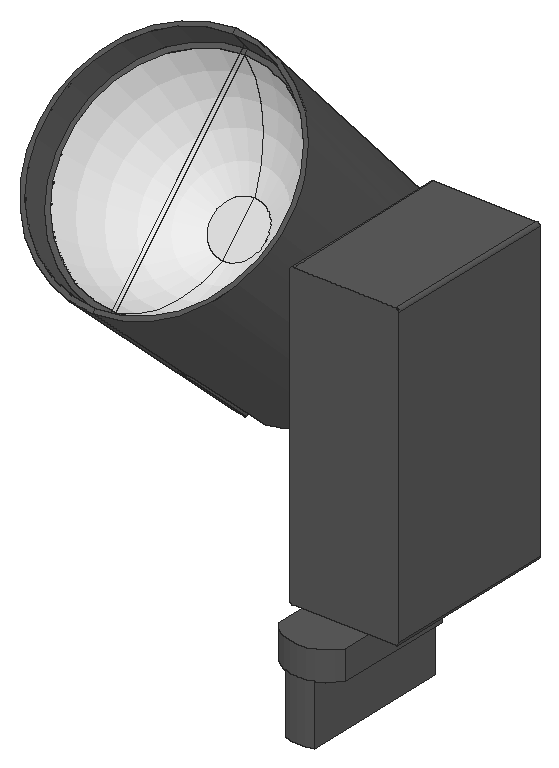
Revit family "0004892 Feilo Sylvania Lighting Fixture START TRACK SPOT L 55W 3K RA90 NB BLACK", category Lighting Fixtures, host Face, Revit 2017
Family settings
  Host = Face
  Round Connector Dimension = Use Diameter
  Part Type = Normal
  OmniClass Number = 23.80.70.00
  OmniClass Title = Lighting
  Cut with Voids When Loaded = No
  Light Source = No
  Shared = No
  Room Calculation Point = No
Parameters (values of type "0004892 START TRACK SPOT L 55W 3K RA90 NB BLACK")
  Weight = "1.398 kg"
  Wattage Comments = ""
  WarrantyStartDate [instance] = "n/a"
  WarrantyGuarantorParts = "n/a"
  WarrantyDurationUnit = "n/a"
  WarrantyDurationParts = "n/a"
  WarrantyDescription = "n/a"
  Voltage = 230 V
  URL = "http://www.sylvania-lighting.com"
  TypeName = "START TRACK SPOT L 55W 3K RA90 NB BLACK"
  TypeHead_FEILO = Start Track Spot Head : 0004892 START TRACK SPOT L 55W 3K RA90 NB BLACK
  TypeBox_FEILO = Start Track Spot Box : Type Large Black
  Type Image = <None>
  Type Comments = "n/a"
  VerticalRotation_FEILO [instance] = 0.00°
  SlideEndAngle_FEILO [instance] = VerticalRotation_FEILO + 180.00°  # 180.00°
  SerialNumber [instance] = "n/a"
  Material_3_FEILO = none
  PowerFactor = 0.96
  PowerConsumption = "55 W"
  NominalLength = 0 mm
  NominalHeight = 240 mm
  NominalDepth = 164 mm
  Name = "START TRACK SPOT L 55W 3K RA90 NB BLACK"
  ModelReference = Name  # "START TRACK SPOT L 55W 3K RA90 NB BLACK"
  ModelNumber = "0004892"
  Model = Name  # "START TRACK SPOT L 55W 3K RA90 NB BLACK"
  Material = "adc12 aluminium housing, polycarbonate diffuser"
  ManufacturerName = "Feilo Sylvania"
  Manufacturer = "Feilo Sylvania"
  LuminousEfficacy = "80 lm/W"
  LuminaireType = ""
  LightOutputRatio = "100"
  LampsType = Lamp  # "LED"
  LampNominalLuminous = "4416 lm"
  LampMacAdamStep = "3"
  LampColourTemperature = "3000 K"
  LampColourRenderingIndex = "90"
  Lamp = "LED"
  Keynote = "16500"
  InstallationDate [instance] = "n/a"
  InputVoltage = "230-240V~"
  InputNominalFrequency = "50/60 Hz"
  IngressProtection = "IP20"
  ImpactProtectionIndex = "IK02"
  IfcExportType = "IfcLightFixtureType"
  IfcExportAs = "IfcLightFixtureType"
  HorizontalRotation_FEILO [instance] = 45.00°
  ExpectedLife = 50000
  ElectricShockClassification = "Class II"
  DurationUnit = "hours"
  DocumentationLiterature = "http://www.sylvania-lighting.com/product/en-int/products/0004892"
  DimmingControlOptions = "Non dimmable"
  Material_2_FEILO = none
  Description = "Integrated LED spotlight, Textured Black - RAL9005, compact and minimalist design, ideal for retail applications, die-cast aluminium body, passive cooling heatsink. Beam angle: 15°, color temperature: 3000K , total system power: 55W, total fixture output: 4416 lm, LOR: 100%, colour rendering: Ra: 90 typical, LED Chromaticity: 3 step MacAdam ellipse, lifetime: >50000 hours at L70B50, energy class: A++, A+, A, IR/UV free light source without heat radiation, operating voltage: 220-240V / 50-60Hz, drive current: 1400mA, electronic driver, non-dimmable, power factor: 0.96, electrical protection: Class II, Global Track 3 Phase adapter suitable for Global trac 3-circuit tracks, ingress protection rating: IP20, suitable for internal environment only, horizontal rotation: 355°, vertical tilt: 90°, dimensions: Ø113x164x240, weight: 1.398kg."
  Default Elevation = 1219.2 mm
  CreatedOn = "12/12/2017"
  CreatedBy = ""
  Cost = 0
  built-in parameter 1114216 [instance] = (empty or 0)
  ClassificationValue = "EF_70_80"
  ClassificationName = "Uniclass2015"
  Material_1_FEILO = Body-Sylvania-StartTrackSpot-Black
  BarCode [instance] = "n/a"
  AssetType = "Fixed"
  AssetIdentifier [instance] = "n/a"
  Assembly Code = "D5020200"
  Apparent Load = 55 VA
  Material_4_FEILO = none
Reference planes
  plane 1 "Center (Front/Back)": y = 0
  plane 2: z = 0
  plane 3 "Center (Left/Right)": x = 0
  plane 4: x = 15
  plane 5: x = -15
  plane 6: y = 35
  plane 7: y = -35
  plane 8: z = 13
  plane 9: z = -27
  plane 10: x = 6.5
  plane 11: x = -6.5
  plane 12: y = 27
  plane 13: y = -27
  plane 14: y = 20
Forms (mm)
  Extrusion 1, solid, material "Body-Sylvania-StartTrackSpot-Black" <- "Material_1_FEILO"
    sketch origin (0, 0, 0) x (1, 0, 0) y (0, 1, 0)
      loop
        line (-15, 27) -> (-15, -27)
        arc (-15, -27) -> (0, -35) -> (15, -27) r 18.062
        line (15, -27) -> (15, 27)
        arc (15, 27) -> (0, 35) -> (-15, 27) r 18.062
    from 0 to 13
  Extrusion 2, solid, material "Body-Sylvania-StartTrackSpot-Black" <- "Material_1_FEILO"
    sketch origin (0, 0, 0) x (1, 0, 0) y (0, 1, 0)
      loop
        arc (6.5, 33.79) -> (0, 35) -> (-6.5, 33.79) r 18.062
        line (-6.5, 33.79) -> (-6.5, -33.79)
        arc (-6.5, -33.79) -> (0, -35) -> (6.5, -33.79) r 18.062
        line (6.5, -33.79) -> (6.5, 33.79)
    from 0 to -27
  Revolve 3, solid, not visible
    sketch origin (1524, 20, 1219.2) x (1, 0, 0) y (0, 0, 1)
      loop
        line (-1524, -1206.2) -> (-1524, -1191.285) -> (-1530.5, -1191.285) -> (-1530.5, -1206.2) -> (-1524, -1206.2)
      axis (-1524, -1191.285) -> (-1524, -1206.2)
    angle from 0 <- "VerticalRotation_FEILO" to 180 <- "SlideEndAngle_FEILO"
Cuts and joins
  joined: Extrusion 1, Extrusion 2
Dimensions and locks
  equal spacing: plane 10, plane 3 "Center (Left/Right)", plane 11
  equal spacing: plane 4, plane 3 "Center (Left/Right)", plane 5
  locked: plane 8 to plane 2 at 13
  locked: plane 8 to plane 9 at 40
  equal spacing: plane 13, plane 1 "Center (Front/Back)", plane 12
  locked: plane 12 to plane 6 at 8
  locked: plane 14 to plane 6 at 15
  locked: Revolve 3 sketch curve to plane 8 at 14.915
  aligned and locked: plane 2 to host face
  aligned and locked: level to host face
  aligned and locked: plane 5 to Extrusion 1 sketch curve  (x2)
  aligned and locked: plane 12 to Extrusion 1 sketch curve
  aligned and locked: plane 13 to Extrusion 1 sketch curve
  aligned and locked: plane 4 to Extrusion 1 sketch curve
  aligned and locked: Extrusion 1 to plane 8
  aligned and locked: Extrusion 1 to level
  aligned and locked: Extrusion 2 sketch curve to Extrusion 1  (x2)
  aligned and locked: Extrusion 2 sketch curve to plane 11
  aligned and locked: plane 10 to Extrusion 2 sketch curve
  aligned and locked: plane 9 to Extrusion 2
  aligned and locked: level to Extrusion 2
  aligned and locked: Revolve 3 sketch curve to plane 3 "Center (Left/Right)"  (x2)
  aligned and locked: plane 11 to Revolve 3 sketch curve
  aligned and locked: Revolve 3 sketch curve to plane 8
Automatic sketch dimensions
  host sketch curve to host sketch curve = 2438.4 mm  (x2)
  Extrusion 1 sketch curve to plane 3 "Center (Left/Right)" = 0 mm  (x2)
  Extrusion 1 sketch curve to plane 13 = 10.062 mm
  plane 12 to Extrusion 1 sketch curve = 10.062 mm
  Revolve 3 sketch curve to plane 3 "Center (Left/Right)" = 0 mm
  plane 9 to Revolve 3 sketch curve = 582.6 mm
  Revolve 3 sketch curve to Revolve 3 sketch curve = 2581.144 mm
Nested families
  nested 1: "Start Track Spot Head" at (-75.5, 20, 133) x (0, 0.7071, 0.7071) z (0, 0.7071, -0.7071), type <- "TypeHead_FEILO", type "0004892 START TRACK SPOT L 55W 3K RA90 NB BLACK"
    with built-in parameter 1114216 (empty or 0)
  nested 2: "Start Track Spot Box" at (8.5, 20, 85) x (-1, 0, 0) z (0, -1, 0), BoxStartAngle_FEILO <- "HorizontalRotation_FEILO", type <- "TypeBox_FEILO", type "Type Large Black"
    with BoxStartAngle_FEILO 45.00°, BoxEndAngle_FEILO -135.00°
Connectors
  electrical at (0, 0, 0), driven by "Apparent Load", driven by "PowerFactor", driven by "Voltage"
    settings: index 1, voltage 230 V, apparent load 55 VA, apparent load phase1 0 VA, apparent load phase2 0 VA, apparent load phase3 0 VA, power factor 0.96, load classification "Lighting", number of poles 1, system type 30, power factor state 1, is connector primary yes, connector utility no, sub classification motor no, connector description ""
Definition of nested family "Start Track Spot Head"
  Parameters (values of type "0004811 START TRACK SPOT S 14W 3K RA80 NB WHITE")
    Wattage Comments = "n/a"
    Wattage = 14 W
    built-in parameter 1150110 = 1 (stored number, unit not read)
    URL = "http://www.feilosylvania.com"
    Type Image = (empty or 0)
    Type Comments = "n/a"
    built-in parameter 1114217 = 1 (stored number, unit not read)
    Tilt Angle = -90.00°
    built-in parameter 1150109 = 1 (stored number, unit not read)
    built-in parameter 1150134 = (empty or 0)
    built-in parameter 1150113 = 1 (stored number, unit not read)
    Photometric Web File = "0004811.ies"
    Material_3_FEILO = none
    Model = "START TRACK SPOT S 14W 3K RA80 NB WHITE"
    Manufacturer = "Feilo Sylvania"
    built-in parameter 1150105 = 123.66 (stored number, unit not read)
    Lumens = 1554 lm
    built-in parameter 1150115 = 1 (stored number, unit not read)
    built-in parameter 1150137 = (empty or 0)
    built-in parameter 1150139 = (empty or 0)
    built-in parameter 1150112 = 1 (stored number, unit not read)
    built-in parameter 1150114 = 1 (stored number, unit not read)
    Lamp = "LED"
    Keynote = "16500"
    Material_2_FEILO = none
    built-in parameter 1150132 = (empty or 0)
    built-in parameter 1150102 = (empty or 0)
    built-in parameter 1150107 = 3000 (stored number, unit not read)
    built-in parameter 1150138 = (empty or 0)
    built-in parameter 1150106 = 1.2366 (stored number, unit not read)
    HeadThickness_FEILO = if(HeadDiaOut_FEILO > 112 mm, 2 mm, 1.5 mm)  # 1.5 mm
    HeadRibOffset_FEILO = HeadHeight_FEILO / 28  # 4.179 mm
    HeadRibDepth_FEILO = HeadHeight_FEILO / 2.1  # 55.714 mm
    HeadRibCutWidth_FEILO = HeadDiaOut_FEILO / 12  # 7.167 mm
    HeadRibCutOffset_FEILO = HeadHeight_FEILO / 2.3  # 50.87 mm
    HeadReflectorRadius_FEILO = HeadDiaOut_FEILO / 1.7  # 50.588 mm
    HeadReflectorOffset_FEILO = HeadHeight_FEILO / 2.1  # 55.714 mm
    HeadLEDRadius_FEILO = HeadDiaOut_FEILO / 9  # 9.556 mm
    HeadHeight_FEILO = 117 mm
    HeadDraft_FEILO = 1 mm
    HeadDiffusorThickness_FEILO = 3 mm
    HeadDiffusorOffset_FEILO = HeadHeight_FEILO / 12.4  # 9.435 mm
    HeadDiaOut_FEILO = 86 mm
    HeadDiaIn_FEILO = HeadDiaOut_FEILO / 1.11  # 77.477 mm
    HeadAxisFromTop_FEILO = HeadHeight_FEILO / 1.687  # 69.354 mm
    Emit from Circle Diameter = HeadDiaIn_FEILO  # 77.477 mm
    Emit Shape Visible in Rendering = no
    built-in parameter 1150104 = 10.312 (stored number, unit not read)
    Dimming Lamp Color Temperature Shift = (empty or 0)
    Description = "Integrated LED spotlight, Textured White - RAL9016, compact and minimalist design, ideal for retail applications, die-cast aluminium body, passive cooling heatsink. Beam angle: 12°, color temperature: 3000K , total system power: 14W, total fixture output: 1551 lm, LOR: 100%, colour rendering: Ra: 80 typical, LED Chromaticity: 3 step MacAdam ellipse, lifetime: >50000 hours at L70B50, energy class: A++, A+, A, IR/UV free light source without heat radiation, operating voltage: 220-240V / 50-60Hz, drive current: 350mA, electronic driver, non-dimmable, power factor: 0.92, electrical protection: Class II, Global Track 3 Phase adapter suitable for Global trac 3-circuit tracks, ingress protection rating: IP20, suitable for internal environment only, horizontal rotation: 355°, vertical tilt: 90°, dimensions: Ø86x140x200, weight: 0.940kg."
    Default Elevation = 1219.2 mm
    Cost = 0
    Color Filter = 16777215
    built-in parameter 1114216 [instance] = (empty or 0)
    Material_1_FEILO = none
    built-in parameter 1114218 = 1 (stored number, unit not read)
    built-in parameter 1150133 = 10 (stored number, unit not read)
    Assembly Code = "D5020200"
    Apparent Load = 14 VA
    Material_4_FEILO = none
  Types (96, lengths in mm): name | Wattage | built-in parameter 1150134 | Photometric Web File | Model | built-in parameter 1150105 | Lumens | built-in parameter 1150107 | built-in parameter 1150106 | HeadThickness_FEILO | HeadRibOffset_FEILO | HeadRibDepth_FEILO | HeadRibCutWidth_FEILO | HeadRibCutOffset_FEILO | HeadReflectorRadius_FEILO | HeadReflectorOffset_FEILO | HeadLEDRadius_FEILO | HeadHeight_FEILO | HeadDiffusorOffset_FEILO | HeadDiaOut_FEILO | HeadDiaIn_FEILO | HeadAxisFromTop_FEILO | Emit from Circle Diameter | built-in parameter 1150104 | Description | Apparent Load
    0004906 START TRACK SPOT L 55W 4K RA90 WB BLACK | 55 W | 12 | "0004906.ies" | "START TRACK SPOT L 55W 4K RA90 WB BLACK" | 385.15 (stored number, unit not read) | 4840 lm | 4000 (stored number, unit not read) | 3.8515 (stored number, unit not read) | 2 | 4.429 | 59.048 | 9.417 | 53.913 | 66.471 | 59.048 | 12.556 | 124 | 10 | 113 | 101.802 | 73.503 | 101.802 | 8.1755 (stored number, unit not read) | "Integrated LED spotlight, Textured Black - RAL9005, compact and minimalist design, ideal for retail applications, die-cast aluminium body, passive cooling heatsink. Beam angle: 52°, color temperature: 4000K , total system power: 55W, total fixture output: 4824 lm, LOR: 100%, colour rendering: Ra: 90 typical, LED Chromaticity: 3 step MacAdam ellipse, lifetime: >50000 hours at L70B50, energy class: A++, A+, A, IR/UV free light source without heat radiation, operating voltage: 220-240V / 50-60Hz, drive current: 1400mA, electronic driver, non-dimmable, power factor: 0.96, electrical protection: Class II, Global Track 3 Phase adapter suitable for Global trac 3-circuit tracks, ingress protection rating: IP20, suitable for internal environment only, horizontal rotation: 355°, vertical tilt: 90°, dimensions: Ø113x164x240, weight: 1.398kg." | 55 VA
    0004905 START TRACK SPOT L 55W 4K RA90 MB BLACK | 55 W | 12 | "0004905.ies" | "START TRACK SPOT L 55W 4K RA90 MB BLACK" | 389.53 (stored number, unit not read) | 4895 lm | 4000 (stored number, unit not read) | 3.8953 (stored number, unit not read) | 2 | 4.429 | 59.048 | 9.417 | 53.913 | 66.471 | 59.048 | 12.556 | 124 | 10 | 113 | 101.802 | 73.503 | 101.802 | 8.2684 (stored number, unit not read) | "Integrated LED spotlight, Textured Black - RAL9005, compact and minimalist design, ideal for retail applications, die-cast aluminium body, passive cooling heatsink. Beam angle: 38°, color temperature: 4000K , total system power: 55W, total fixture output: 4897 lm, LOR: 100%, colour rendering: Ra: 90 typical, LED Chromaticity: 3 step MacAdam ellipse, lifetime: >50000 hours at L70B50, energy class: A++, A+, A, IR/UV free light source without heat radiation, operating voltage: 220-240V / 50-60Hz, drive current: 1400mA, electronic driver, non-dimmable, power factor: 0.96, electrical protection: Class II, Global Track 3 Phase adapter suitable for Global trac 3-circuit tracks, ingress protection rating: IP20, suitable for internal environment only, horizontal rotation: 355°, vertical tilt: 90°, dimensions: Ø113x164x240, weight: 1.398kg." | 55 VA
    0004904 START TRACK SPOT L 55W 4K RA90 NB BLACK | 55 W | 12 | "0004904.ies" | "START TRACK SPOT L 55W 4K RA90 NB BLACK" | 393.91 (stored number, unit not read) | 4950 lm | 4000 (stored number, unit not read) | 3.9391 (stored number, unit not read) | 2 | 4.429 | 59.048 | 9.417 | 53.913 | 66.471 | 59.048 | 12.556 | 124 | 10 | 113 | 101.802 | 73.503 | 101.802 | 8.3613 (stored number, unit not read) | "Integrated LED spotlight, Textured Black - RAL9005, compact and minimalist design, ideal for retail applications, die-cast aluminium body, passive cooling heatsink. Beam angle: 15°, color temperature: 4000K , total system power: 55W, total fixture output: 4965 lm, LOR: 100%, colour rendering: Ra: 90 typical, LED Chromaticity: 3 step MacAdam ellipse, lifetime: >50000 hours at L70B50, energy class: A++, A+, A, IR/UV free light source without heat radiation, operating voltage: 220-240V / 50-60Hz, drive current: 1400mA, electronic driver, non-dimmable, power factor: 0.96, electrical protection: Class II, Global Track 3 Phase adapter suitable for Global trac 3-circuit tracks, ingress protection rating: IP20, suitable for internal environment only, horizontal rotation: 355°, vertical tilt: 90°, dimensions: Ø113x164x240, weight: 1.398kg." | 55 VA
    0004903 START TRACK SPOT L 35W 4K RA90 WB BLACK | 35 W | 12 | "0004903.ies" | "START TRACK SPOT L 35W 4K RA90 WB BLACK" | 284.09 (stored number, unit not read) | 3570 lm | 4000 (stored number, unit not read) | 2.8409 (stored number, unit not read) | 2 | 4.429 | 59.048 | 9.417 | 53.913 | 66.471 | 59.048 | 12.556 | 124 | 10 | 113 | 101.802 | 73.503 | 101.802 | 9.4761 (stored number, unit not read) | "Integrated LED spotlight, Textured Black - RAL9005, compact and minimalist design, ideal for retail applications, die-cast aluminium body, passive cooling heatsink. Beam angle: 52°, color temperature: 4000K , total system power: 35W, total fixture output: 3562 lm, LOR: 100%, colour rendering: Ra: 90 typical, LED Chromaticity: 3 step MacAdam ellipse, lifetime: >50000 hours at L70B50, energy class: A++, A+, A, IR/UV free light source without heat radiation, operating voltage: 220-240V / 50-60Hz, drive current: 900mA, electronic driver, non-dimmable, power factor: 0.93, electrical protection: Class II, Global Track 3 Phase adapter suitable for Global trac 3-circuit tracks, ingress protection rating: IP20, suitable for internal environment only, horizontal rotation: 355°, vertical tilt: 90°, dimensions: Ø113x164x240, weight: 1.368kg." | 35 VA
    0004902 START TRACK SPOT L 35W 4K RA90 MB BLACK | 35 W | 12 | "0004902.ies" | "START TRACK SPOT L 35W 4K RA90 MB BLACK" | 286.88 (stored number, unit not read) | 3605 lm | 4000 (stored number, unit not read) | 2.8688 (stored number, unit not read) | 2 | 4.429 | 59.048 | 9.417 | 53.913 | 66.471 | 59.048 | 12.556 | 124 | 10 | 113 | 101.802 | 73.503 | 101.802 | 9.569 (stored number, unit not read) | "Integrated LED spotlight, Textured Black - RAL9005, compact and minimalist design, ideal for retail applications, die-cast aluminium body, passive cooling heatsink. Beam angle: 38°, color temperature: 4000K , total system power: 35W, total fixture output: 3616 lm, LOR: 100%, colour rendering: Ra: 90 typical, LED Chromaticity: 3 step MacAdam ellipse, lifetime: >50000 hours at L70B50, energy class: A++, A+, A, IR/UV free light source without heat radiation, operating voltage: 220-240V / 50-60Hz, drive current: 900mA, electronic driver, non-dimmable, power factor: 0.93, electrical protection: Class II, Global Track 3 Phase adapter suitable for Global trac 3-circuit tracks, ingress protection rating: IP20, suitable for internal environment only, horizontal rotation: 355°, vertical tilt: 90°, dimensions: Ø113x164x240, weight: 1.368kg." | 35 VA
    0004901 START TRACK SPOT L 35W 4K RA90 NB BLACK | 35 W | 12 | "0004901.ies" | "START TRACK SPOT L 35W 4K RA90 NB BLACK" | 286.88 (stored number, unit not read) | 3605 lm | 4000 (stored number, unit not read) | 2.8688 (stored number, unit not read) | 2 | 4.429 | 59.048 | 9.417 | 53.913 | 66.471 | 59.048 | 12.556 | 124 | 10 | 113 | 101.802 | 73.503 | 101.802 | 9.569 (stored number, unit not read) | "Integrated LED spotlight, Textured Black - RAL9005, compact and minimalist design, ideal for retail applications, die-cast aluminium body, passive cooling heatsink. Beam angle: 15°, color temperature: 4000K , total system power: 35W, total fixture output: 3593 lm, LOR: 100%, colour rendering: Ra: 90 typical, LED Chromaticity: 3 step MacAdam ellipse, lifetime: >50000 hours at L70B50, energy class: A++, A+, A, IR/UV free light source without heat radiation, operating voltage: 220-240V / 50-60Hz, drive current: 900mA, electronic driver, non-dimmable, power factor: 0.93, electrical protection: Class II, Global Track 3 Phase adapter suitable for Global trac 3-circuit tracks, ingress protection rating: IP20, suitable for internal environment only, horizontal rotation: 355°, vertical tilt: 90°, dimensions: Ø113x164x240, weight: 1.368kg." | 35 VA
    0004900 START TRACK SPOT S 24W 4K RA90 WB BLACK | 24 W | 12 | "0004900.ies" | "START TRACK SPOT S 24W 4K RA90 WB BLACK" | 166.16 (stored number, unit not read) | 2088 lm | 4000 (stored number, unit not read) | 1.6616 (stored number, unit not read) | 1.5 | 4.179 | 55.714 | 7.167 | 50.87 | 50.588 | 55.714 | 9.556 | 117 | 9.435 | 86 | 77.477 | 69.354 | 77.477 | 8.0826 (stored number, unit not read) | "Integrated LED spotlight, Textured Black - RAL9005, compact and minimalist design, ideal for retail applications, die-cast aluminium body, passive cooling heatsink. Beam angle: 64°, color temperature: 4000K , total system power: 24W, total fixture output: 2087 lm, LOR: 100%, colour rendering: Ra: 90 typical, LED Chromaticity: 3 step MacAdam ellipse, lifetime: >50000 hours at L70B50, energy class: A++, A+, A, IR/UV free light source without heat radiation, operating voltage: 220-240V / 50-60Hz, drive current: 600mA, electronic driver, non-dimmable, power factor: 0.95, electrical protection: Class II, Global Track 3 Phase adapter suitable for Global trac 3-circuit tracks, ingress protection rating: IP20, suitable for internal environment only, horizontal rotation: 355°, vertical tilt: 90°, dimensions: Ø86x140x200, weight: 0.966kg." | 24 VA
    0004899 START TRACK SPOT S 24W 4K RA90 MB BLACK | 24 W | 12 | "0004899.ies" | "START TRACK SPOT S 24W 4K RA90 MB BLACK" | 169.98 (stored number, unit not read) | 2136 lm | 4000 (stored number, unit not read) | 1.6998 (stored number, unit not read) | 1.5 | 4.179 | 55.714 | 7.167 | 50.87 | 50.588 | 55.714 | 9.556 | 117 | 9.435 | 86 | 77.477 | 69.354 | 77.477 | 8.2684 (stored number, unit not read) | "Integrated LED spotlight, Textured Black - RAL9005, compact and minimalist design, ideal for retail applications, die-cast aluminium body, passive cooling heatsink. Beam angle: 36°, color temperature: 4000K , total system power: 24W, total fixture output: 2141 lm, LOR: 100%, colour rendering: Ra: 90 typical, LED Chromaticity: 3 step MacAdam ellipse, lifetime: >50000 hours at L70B50, energy class: A++, A+, A, IR/UV free light source without heat radiation, operating voltage: 220-240V / 50-60Hz, drive current: 600mA, electronic driver, non-dimmable, power factor: 0.95, electrical protection: Class II, Global Track 3 Phase adapter suitable for Global trac 3-circuit tracks, ingress protection rating: IP20, suitable for internal environment only, horizontal rotation: 355°, vertical tilt: 90°, dimensions: Ø86x140x200, weight: 0.966kg." | 24 VA
    0004898 START TRACK SPOT S 24W 4K RA90 NB BLACK | 24 W | 12 | "0004898.ies" | "START TRACK SPOT S 24W 4K RA90 NB BLACK" | 171.89 (stored number, unit not read) | 2160 lm | 4000 (stored number, unit not read) | 1.7189 (stored number, unit not read) | 1.5 | 4.179 | 55.714 | 7.167 | 50.87 | 50.588 | 55.714 | 9.556 | 117 | 9.435 | 86 | 77.477 | 69.354 | 77.477 | 8.3613 (stored number, unit not read) | "Integrated LED spotlight, Textured Black - RAL9005, compact and minimalist design, ideal for retail applications, die-cast aluminium body, passive cooling heatsink. Beam angle: 12°, color temperature: 4000K , total system power: 24W, total fixture output: 2155 lm, LOR: 100%, colour rendering: Ra: 90 typical, LED Chromaticity: 3 step MacAdam ellipse, lifetime: >50000 hours at L70B50, energy class: A++, A+, A, IR/UV free light source without heat radiation, operating voltage: 220-240V / 50-60Hz, drive current: 600mA, electronic driver, non-dimmable, power factor: 0.95, electrical protection: Class II, Global Track 3 Phase adapter suitable for Global trac 3-circuit tracks, ingress protection rating: IP20, suitable for internal environment only, horizontal rotation: 355°, vertical tilt: 90°, dimensions: Ø86x140x200, weight: 0.966kg." | 24 VA
    0004897 START TRACK SPOT S 14W 4K RA90 WB BLACK | 14 W | 12 | "0004897.ies" | "START TRACK SPOT S 14W 4K RA90 WB BLACK" | 108.07 (stored number, unit not read) | 1358 lm | 4000 (stored number, unit not read) | 1.0807 (stored number, unit not read) | 1.5 | 4.179 | 55.714 | 7.167 | 50.87 | 50.588 | 55.714 | 9.556 | 117 | 9.435 | 86 | 77.477 | 69.354 | 77.477 | 9.0116 (stored number, unit not read) | "Integrated LED spotlight, Textured Black - RAL9005, compact and minimalist design, ideal for retail applications, die-cast aluminium body, passive cooling heatsink. Beam angle: 64°, color temperature: 4000K , total system power: 14W, total fixture output: 1352 lm, LOR: 100%, colour rendering: Ra: 90 typical, LED Chromaticity: 3 step MacAdam ellipse, lifetime: >50000 hours at L70B50, energy class: A++, A+, A, IR/UV free light source without heat radiation, operating voltage: 220-240V / 50-60Hz, drive current: 350mA, electronic driver, non-dimmable, power factor: 0.92, electrical protection: Class II, Global Track 3 Phase adapter suitable for Global trac 3-circuit tracks, ingress protection rating: IP20, suitable for internal environment only, horizontal rotation: 355°, vertical tilt: 90°, dimensions: Ø86x140x200, weight: 0.940kg." | 14 VA
    0004896 START TRACK SPOT S 14W 4K RA90 MB BLACK | 14 W | 12 | "0004896.ies" | "START TRACK SPOT S 14W 4K RA90 MB BLACK" | 108.07 (stored number, unit not read) | 1358 lm | 4000 (stored number, unit not read) | 1.0807 (stored number, unit not read) | 1.5 | 4.179 | 55.714 | 7.167 | 50.87 | 50.588 | 55.714 | 9.556 | 117 | 9.435 | 86 | 77.477 | 69.354 | 77.477 | 9.0116 (stored number, unit not read) | "Integrated LED spotlight, Textured Black - RAL9005, compact and minimalist design, ideal for retail applications, die-cast aluminium body, passive cooling heatsink. Beam angle: 36°, color temperature: 4000K , total system power: 14W, total fixture output: 1359 lm, LOR: 100%, colour rendering: Ra: 90 typical, LED Chromaticity: 3 step MacAdam ellipse, lifetime: >50000 hours at L70B50, energy class: A++, A+, A, IR/UV free light source without heat radiation, operating voltage: 220-240V / 50-60Hz, drive current: 350mA, electronic driver, non-dimmable, power factor: 0.92, electrical protection: Class II, Global Track 3 Phase adapter suitable for Global trac 3-circuit tracks, ingress protection rating: IP20, suitable for internal environment only, horizontal rotation: 355°, vertical tilt: 90°, dimensions: Ø86x140x200, weight: 0.940kg." | 14 VA
    0004895 START TRACK SPOT S 14W 4K RA90 NB BLACK | 14 W | 12 | "0004895.ies" | "START TRACK SPOT S 14W 4K RA90 NB BLACK" | 106.95 (stored number, unit not read) | 1344 lm | 4000 (stored number, unit not read) | 1.0695 (stored number, unit not read) | 1.5 | 4.179 | 55.714 | 7.167 | 50.87 | 50.588 | 55.714 | 9.556 | 117 | 9.435 | 86 | 77.477 | 69.354 | 77.477 | 8.9187 (stored number, unit not read) | "Integrated LED spotlight, Textured Black - RAL9005, compact and minimalist design, ideal for retail applications, die-cast aluminium body, passive cooling heatsink. Beam angle: 12°, color temperature: 4000K , total system power: 14W, total fixture output: 1349 lm, LOR: 100%, colour rendering: Ra: 90 typical, LED Chromaticity: 3 step MacAdam ellipse, lifetime: >50000 hours at L70B50, energy class: A++, A+, A, IR/UV free light source without heat radiation, operating voltage: 220-240V / 50-60Hz, drive current: 350mA, electronic driver, non-dimmable, power factor: 0.92, electrical protection: Class II, Global Track 3 Phase adapter suitable for Global trac 3-circuit tracks, ingress protection rating: IP20, suitable for internal environment only, horizontal rotation: 355°, vertical tilt: 90°, dimensions: Ø86x140x200, weight: 0.940kg." | 14 VA
    0004894 START TRACK SPOT L 55W 3K RA90 WB BLACK | 55 W | (empty or 0) | "0004894.ies" | "START TRACK SPOT L 55W 3K RA90 WB BLACK" | 350.14 (stored number, unit not read) | 4400 lm | 3000 (stored number, unit not read) | 3.5014 (stored number, unit not read) | 2 | 4.429 | 59.048 | 9.417 | 53.913 | 66.471 | 59.048 | 12.556 | 124 | 10 | 113 | 101.802 | 73.503 | 101.802 | 7.4322 (stored number, unit not read) | "Integrated LED spotlight, Textured Black - RAL9005, compact and minimalist design, ideal for retail applications, die-cast aluminium body, passive cooling heatsink. Beam angle: 52°, color temperature: 3000K , total system power: 55W, total fixture output: 4405 lm, LOR: 100%, colour rendering: Ra: 90 typical, LED Chromaticity: 3 step MacAdam ellipse, lifetime: >50000 hours at L70B50, energy class: A++, A+, A, IR/UV free light source without heat radiation, operating voltage: 220-240V / 50-60Hz, drive current: 1400mA, electronic driver, non-dimmable, power factor: 0.96, electrical protection: Class II, Global Track 3 Phase adapter suitable for Global trac 3-circuit tracks, ingress protection rating: IP20, suitable for internal environment only, horizontal rotation: 355°, vertical tilt: 90°, dimensions: Ø113x164x240, weight: 1.398kg." | 55 VA
    0004893 START TRACK SPOT L 55W 3K RA90 MB BLACK | 55 W | (empty or 0) | "0004893.ies" | "START TRACK SPOT L 55W 3K RA90 MB BLACK" | 354.52 (stored number, unit not read) | 4455 lm | 3000 (stored number, unit not read) | 3.5452 (stored number, unit not read) | 2 | 4.429 | 59.048 | 9.417 | 53.913 | 66.471 | 59.048 | 12.556 | 124 | 10 | 113 | 101.802 | 73.503 | 101.802 | 7.5251 (stored number, unit not read) | "Integrated LED spotlight, Textured Black - RAL9005, compact and minimalist design, ideal for retail applications, die-cast aluminium body, passive cooling heatsink. Beam angle: 38°, color temperature: 3000K , total system power: 55W, total fixture output: 4448 lm, LOR: 100%, colour rendering: Ra: 90 typical, LED Chromaticity: 3 step MacAdam ellipse, lifetime: >50000 hours at L70B50, energy class: A++, A+, A, IR/UV free light source without heat radiation, operating voltage: 220-240V / 50-60Hz, drive current: 1400mA, electronic driver, non-dimmable, power factor: 0.96, electrical protection: Class II, Global Track 3 Phase adapter suitable for Global trac 3-circuit tracks, ingress protection rating: IP20, suitable for internal environment only, horizontal rotation: 355°, vertical tilt: 90°, dimensions: Ø113x164x240, weight: 1.398kg." | 55 VA
    0004892 START TRACK SPOT L 55W 3K RA90 NB BLACK | 55 W | (empty or 0) | "0004892.ies" | "START TRACK SPOT L 55W 3K RA90 NB BLACK" | 350.14 (stored number, unit not read) | 4400 lm | 3000 (stored number, unit not read) | 3.5014 (stored number, unit not read) | 2 | 4.429 | 59.048 | 9.417 | 53.913 | 66.471 | 59.048 | 12.556 | 124 | 10 | 113 | 101.802 | 73.503 | 101.802 | 7.4322 (stored number, unit not read) | "Integrated LED spotlight, Textured Black - RAL9005, compact and minimalist design, ideal for retail applications, die-cast aluminium body, passive cooling heatsink. Beam angle: 15°, color temperature: 3000K , total system power: 55W, total fixture output: 4416 lm, LOR: 100%, colour rendering: Ra: 90 typical, LED Chromaticity: 3 step MacAdam ellipse, lifetime: >50000 hours at L70B50, energy class: A++, A+, A, IR/UV free light source without heat radiation, operating voltage: 220-240V / 50-60Hz, drive current: 1400mA, electronic driver, non-dimmable, power factor: 0.96, electrical protection: Class II, Global Track 3 Phase adapter suitable for Global trac 3-circuit tracks, ingress protection rating: IP20, suitable for internal environment only, horizontal rotation: 355°, vertical tilt: 90°, dimensions: Ø113x164x240, weight: 1.398kg." | 55 VA
    0004891 START TRACK SPOT L 35W 3K RA90 WB BLACK | 35 W | (empty or 0) | "0004891.ies" | "START TRACK SPOT L 35W 3K RA90 WB BLACK" | 259.02 (stored number, unit not read) | 3255 lm | 3000 (stored number, unit not read) | 2.5902 (stored number, unit not read) | 2 | 4.429 | 59.048 | 9.417 | 53.913 | 66.471 | 59.048 | 12.556 | 124 | 10 | 113 | 101.802 | 73.503 | 101.802 | 8.64 (stored number, unit not read) | "Integrated LED spotlight, Textured Black - RAL9005, compact and minimalist design, ideal for retail applications, die-cast aluminium body, passive cooling heatsink. Beam angle: 52°, color temperature: 3000K , total system power: 35W, total fixture output: 3260 lm, LOR: 100%, colour rendering: Ra: 90 typical, LED Chromaticity: 3 step MacAdam ellipse, lifetime: >50000 hours at L70B50, energy class: A++, A+, A, IR/UV free light source without heat radiation, operating voltage: 220-240V / 50-60Hz, drive current: 900mA, electronic driver, non-dimmable, power factor: 0.93, electrical protection: Class II, Global Track 3 Phase adapter suitable for Global trac 3-circuit tracks, ingress protection rating: IP20, suitable for internal environment only, horizontal rotation: 355°, vertical tilt: 90°, dimensions: Ø113x164x240, weight: 1.368kg." | 35 VA
    0004890 START TRACK SPOT L 35W 3K RA90 MB BLACK | 35 W | (empty or 0) | "0004890.ies" | "START TRACK SPOT L 35W 3K RA90 MB BLACK" | 261.81 (stored number, unit not read) | 3290 lm | 3000 (stored number, unit not read) | 2.6181 (stored number, unit not read) | 2 | 4.429 | 59.048 | 9.417 | 53.913 | 66.471 | 59.048 | 12.556 | 124 | 10 | 113 | 101.802 | 73.503 | 101.802 | 8.7329 (stored number, unit not read) | "Integrated LED spotlight, Textured Black - RAL9005, compact and minimalist design, ideal for retail applications, die-cast aluminium body, passive cooling heatsink. Beam angle: 38°, color temperature: 3000K , total system power: 35W, total fixture output: 3306 lm, LOR: 100%, colour rendering: Ra: 90 typical, LED Chromaticity: 3 step MacAdam ellipse, lifetime: >50000 hours at L70B50, energy class: A++, A+, A, IR/UV free light source without heat radiation, operating voltage: 220-240V / 50-60Hz, drive current: 900mA, electronic driver, non-dimmable, power factor: 0.93, electrical protection: Class II, Global Track 3 Phase adapter suitable for Global trac 3-circuit tracks, ingress protection rating: IP20, suitable for internal environment only, horizontal rotation: 355°, vertical tilt: 90°, dimensions: Ø113x164x240, weight: 1.368kg." | 35 VA
    0004889 START TRACK SPOT L 35W 3K RA90 NB BLACK | 35 W | (empty or 0) | "0004889.ies" | "START TRACK SPOT L 35W 3K RA90 NB BLACK" | 261.81 (stored number, unit not read) | 3290 lm | 3000 (stored number, unit not read) | 2.6181 (stored number, unit not read) | 2 | 4.429 | 59.048 | 9.417 | 53.913 | 66.471 | 59.048 | 12.556 | 124 | 10 | 113 | 101.802 | 73.503 | 101.802 | 8.7329 (stored number, unit not read) | "Integrated LED spotlight, Textured Black - RAL9005, compact and minimalist design, ideal for retail applications, die-cast aluminium body, passive cooling heatsink. Beam angle: 15°, color temperature: 3000K , total system power: 35W, total fixture output: 3287 lm, LOR: 100%, colour rendering: Ra: 90 typical, LED Chromaticity: 3 step MacAdam ellipse, lifetime: >50000 hours at L70B50, energy class: A++, A+, A, IR/UV free light source without heat radiation, operating voltage: 220-240V / 50-60Hz, drive current: 900mA, electronic driver, non-dimmable, power factor: 0.93, electrical protection: Class II, Global Track 3 Phase adapter suitable for Global trac 3-circuit tracks, ingress protection rating: IP20, suitable for internal environment only, horizontal rotation: 355°, vertical tilt: 90°, dimensions: Ø113x164x240, weight: 1.368kg." | 35 VA
    0004888 START TRACK SPOT S 24W 3K RA90 WB BLACK | 24 W | (empty or 0) | "0004888.ies" | "START TRACK SPOT S 24W 3K RA90 WB BLACK" | 152.79 (stored number, unit not read) | 1920 lm | 3000 (stored number, unit not read) | 1.5279 (stored number, unit not read) | 1.5 | 4.179 | 55.714 | 7.167 | 50.87 | 50.588 | 55.714 | 9.556 | 117 | 9.435 | 86 | 77.477 | 69.354 | 77.477 | 7.4322 (stored number, unit not read) | "Integrated LED spotlight, Textured Black - RAL9005, compact and minimalist design, ideal for retail applications, die-cast aluminium body, passive cooling heatsink. Beam angle: 64°, color temperature: 3000K , total system power: 24W, total fixture output: 1928 lm, LOR: 100%, colour rendering: Ra: 90 typical, LED Chromaticity: 3 step MacAdam ellipse, lifetime: >50000 hours at L70B50, energy class: A++, A+, A, IR/UV free light source without heat radiation, operating voltage: 220-240V / 50-60Hz, drive current: 600mA, electronic driver, non-dimmable, power factor: 0.95, electrical protection: Class II, Global Track 3 Phase adapter suitable for Global trac 3-circuit tracks, ingress protection rating: IP20, suitable for internal environment only, horizontal rotation: 355°, vertical tilt: 90°, dimensions: Ø86x140x200, weight: 0.966kg." | 24 VA
    0004887 START TRACK SPOT S 24W 3K RA90 MB BLACK | 24 W | (empty or 0) | "0004887.ies" | "START TRACK SPOT S 24W 3K RA90 MB BLACK" | 154.7 (stored number, unit not read) | 1944 lm | 3000 (stored number, unit not read) | 1.547 (stored number, unit not read) | 1.5 | 4.179 | 55.714 | 7.167 | 50.87 | 50.588 | 55.714 | 9.556 | 117 | 9.435 | 86 | 77.477 | 69.354 | 77.477 | 7.5251 (stored number, unit not read) | "Integrated LED spotlight, Textured Black - RAL9005, compact and minimalist design, ideal for retail applications, die-cast aluminium body, passive cooling heatsink. Beam angle: 36°, color temperature: 3000K , total system power: 24W, total fixture output: 1944 lm, LOR: 100%, colour rendering: Ra: 90 typical, LED Chromaticity: 3 step MacAdam ellipse, lifetime: >50000 hours at L70B50, energy class: A++, A+, A, IR/UV free light source without heat radiation, operating voltage: 220-240V / 50-60Hz, drive current: 600mA, electronic driver, non-dimmable, power factor: 0.95, electrical protection: Class II, Global Track 3 Phase adapter suitable for Global trac 3-circuit tracks, ingress protection rating: IP20, suitable for internal environment only, horizontal rotation: 355°, vertical tilt: 90°, dimensions: Ø86x140x200, weight: 0.966kg." | 24 VA
    0004886 START TRACK SPOT S 24W 3K RA90 NB BLACK | 24 W | (empty or 0) | "0004886.ies" | "START TRACK SPOT S 24W 3K RA90 NB BLACK" | 158.52 (stored number, unit not read) | 1992 lm | 3000 (stored number, unit not read) | 1.5852 (stored number, unit not read) | 1.5 | 4.179 | 55.714 | 7.167 | 50.87 | 50.588 | 55.714 | 9.556 | 117 | 9.435 | 86 | 77.477 | 69.354 | 77.477 | 7.711 (stored number, unit not read) | "Integrated LED spotlight, Textured Black - RAL9005, compact and minimalist design, ideal for retail applications, die-cast aluminium body, passive cooling heatsink. Beam angle: 12°, color temperature: 3000K , total system power: 24W, total fixture output: 1987 lm, LOR: 100%, colour rendering: Ra: 90 typical, LED Chromaticity: 3 step MacAdam ellipse, lifetime: >50000 hours at L70B50, energy class: A++, A+, A, IR/UV free light source without heat radiation, operating voltage: 220-240V / 50-60Hz, drive current: 600mA, electronic driver, non-dimmable, power factor: 0.95, electrical protection: Class II, Global Track 3 Phase adapter suitable for Global trac 3-circuit tracks, ingress protection rating: IP20, suitable for internal environment only, horizontal rotation: 355°, vertical tilt: 90°, dimensions: Ø86x140x200, weight: 0.966kg." | 24 VA
    0004885 START TRACK SPOT S 14W 3K RA90 WB BLACK | 14 W | (empty or 0) | "0004885.ies" | "START TRACK SPOT S 14W 3K RA90 WB BLACK" | 100.27 (stored number, unit not read) | 1260 lm | 3000 (stored number, unit not read) | 1.0027 (stored number, unit not read) | 1.5 | 4.179 | 55.714 | 7.167 | 50.87 | 50.588 | 55.714 | 9.556 | 117 | 9.435 | 86 | 77.477 | 69.354 | 77.477 | 8.3613 (stored number, unit not read) | "Integrated LED spotlight, Textured Black - RAL9005, compact and minimalist design, ideal for retail applications, die-cast aluminium body, passive cooling heatsink. Beam angle: 64°, color temperature: 3000K , total system power: 14W, total fixture output: 1262 lm, LOR: 100%, colour rendering: Ra: 90 typical, LED Chromaticity: 3 step MacAdam ellipse, lifetime: >50000 hours at L70B50, energy class: A++, A+, A, IR/UV free light source without heat radiation, operating voltage: 220-240V / 50-60Hz, drive current: 350mA, electronic driver, non-dimmable, power factor: 0.92, electrical protection: Class II, Global Track 3 Phase adapter suitable for Global trac 3-circuit tracks, ingress protection rating: IP20, suitable for internal environment only, horizontal rotation: 355°, vertical tilt: 90°, dimensions: Ø86x140x200, weight: 0.940kg." | 14 VA
    0004884 START TRACK SPOT S 14W 3K RA90 MB BLACK | 14 W | (empty or 0) | "0004884.ies" | "START TRACK SPOT S 14W 3K RA90 MB BLACK" | 100.27 (stored number, unit not read) | 1260 lm | 3000 (stored number, unit not read) | 1.0027 (stored number, unit not read) | 1.5 | 4.179 | 55.714 | 7.167 | 50.87 | 50.588 | 55.714 | 9.556 | 117 | 9.435 | 86 | 77.477 | 69.354 | 77.477 | 8.3613 (stored number, unit not read) | "Integrated LED spotlight, Textured Black - RAL9005, compact and minimalist design, ideal for retail applications, die-cast aluminium body, passive cooling heatsink. Beam angle: 36°, color temperature: 3000K , total system power: 14W, total fixture output: 1262 lm, LOR: 100%, colour rendering: Ra: 90 typical, LED Chromaticity: 3 step MacAdam ellipse, lifetime: >50000 hours at L70B50, energy class: A++, A+, A, IR/UV free light source without heat radiation, operating voltage: 220-240V / 50-60Hz, drive current: 350mA, electronic driver, non-dimmable, power factor: 0.92, electrical protection: Class II, Global Track 3 Phase adapter suitable for Global trac 3-circuit tracks, ingress protection rating: IP20, suitable for internal environment only, horizontal rotation: 355°, vertical tilt: 90°, dimensions: Ø86x140x200, weight: 0.940kg." | 14 VA
    0004883 START TRACK SPOT S 14W 3K RA90 NB BLACK | 14 W | (empty or 0) | "0004883.ies" | "START TRACK SPOT S 14W 3K RA90 NB BLACK" | 102.5 (stored number, unit not read) | 1288 lm | 3000 (stored number, unit not read) | 1.025 (stored number, unit not read) | 1.5 | 4.179 | 55.714 | 7.167 | 50.87 | 50.588 | 55.714 | 9.556 | 117 | 9.435 | 86 | 77.477 | 69.354 | 77.477 | 8.5471 (stored number, unit not read) | "Integrated LED spotlight, Textured Black - RAL9005, compact and minimalist design, ideal for retail applications, die-cast aluminium body, passive cooling heatsink. Beam angle: 12°, color temperature: 3000K , total system power: 14W, total fixture output: 1284 lm, LOR: 100%, colour rendering: Ra: 90 typical, LED Chromaticity: 3 step MacAdam ellipse, lifetime: >50000 hours at L70B50, energy class: A++, A+, A, IR/UV free light source without heat radiation, operating voltage: 220-240V / 50-60Hz, drive current: 350mA, electronic driver, non-dimmable, power factor: 0.92, electrical protection: Class II, Global Track 3 Phase adapter suitable for Global trac 3-circuit tracks, ingress protection rating: IP20, suitable for internal environment only, horizontal rotation: 355°, vertical tilt: 90°, dimensions: Ø86x140x200, weight: 0.940kg." | 14 VA
    0004882 START TRACK SPOT L 55W 4K RA90 WB WHITE | 55 W | 12 | "0004882.ies" | "START TRACK SPOT L 55W 4K RA90 WB WHITE" | 385.15 (stored number, unit not read) | 4840 lm | 4000 (stored number, unit not read) | 3.8515 (stored number, unit not read) | 2 | 4.429 | 59.048 | 9.417 | 53.913 | 66.471 | 59.048 | 12.556 | 124 | 10 | 113 | 101.802 | 73.503 | 101.802 | 8.1755 (stored number, unit not read) | "Integrated LED spotlight, Textured White - RAL9016, compact and minimalist design, ideal for retail applications, die-cast aluminium body, passive cooling heatsink. Beam angle: 52°, color temperature: 4000K , total system power: 55W, total fixture output: 4824 lm, LOR: 100%, colour rendering: Ra: 90 typical, LED Chromaticity: 3 step MacAdam ellipse, lifetime: >50000 hours at L70B50, energy class: A++, A+, A, IR/UV free light source without heat radiation, operating voltage: 220-240V / 50-60Hz, drive current: 1400mA, electronic driver, non-dimmable, power factor: 0.96, electrical protection: Class II, Global Track 3 Phase adapter suitable for Global trac 3-circuit tracks, ingress protection rating: IP20, suitable for internal environment only, horizontal rotation: 355°, vertical tilt: 90°, dimensions: Ø113x164x240, weight: 1.398kg." | 55 VA
    0004881 START TRACK SPOT L 55W 4K RA90 MB WHITE | 55 W | 12 | "0004881.ies" | "START TRACK SPOT L 55W 4K RA90 MB WHITE" | 389.53 (stored number, unit not read) | 4895 lm | 4000 (stored number, unit not read) | 3.8953 (stored number, unit not read) | 2 | 4.429 | 59.048 | 9.417 | 53.913 | 66.471 | 59.048 | 12.556 | 124 | 10 | 113 | 101.802 | 73.503 | 101.802 | 8.2684 (stored number, unit not read) | "Integrated LED spotlight, Textured White - RAL9016, compact and minimalist design, ideal for retail applications, die-cast aluminium body, passive cooling heatsink. Beam angle: 38°, color temperature: 4000K , total system power: 55W, total fixture output: 4897 lm, LOR: 100%, colour rendering: Ra: 90 typical, LED Chromaticity: 3 step MacAdam ellipse, lifetime: >50000 hours at L70B50, energy class: A++, A+, A, IR/UV free light source without heat radiation, operating voltage: 220-240V / 50-60Hz, drive current: 1400mA, electronic driver, non-dimmable, power factor: 0.96, electrical protection: Class II, Global Track 3 Phase adapter suitable for Global trac 3-circuit tracks, ingress protection rating: IP20, suitable for internal environment only, horizontal rotation: 355°, vertical tilt: 90°, dimensions: Ø113x164x240, weight: 1.398kg." | 55 VA
    0004880 START TRACK SPOT L 55W 4K RA90 NB WHITE | 55 W | 12 | "0004880.ies" | "START TRACK SPOT L 55W 4K RA90 NB WHITE" | 393.91 (stored number, unit not read) | 4950 lm | 4000 (stored number, unit not read) | 3.9391 (stored number, unit not read) | 2 | 4.429 | 59.048 | 9.417 | 53.913 | 66.471 | 59.048 | 12.556 | 124 | 10 | 113 | 101.802 | 73.503 | 101.802 | 8.3613 (stored number, unit not read) | "Integrated LED spotlight, Textured White - RAL9016, compact and minimalist design, ideal for retail applications, die-cast aluminium body, passive cooling heatsink. Beam angle: 15°, color temperature: 4000K , total system power: 55W, total fixture output: 4965 lm, LOR: 100%, colour rendering: Ra: 90 typical, LED Chromaticity: 3 step MacAdam ellipse, lifetime: >50000 hours at L70B50, energy class: A++, A+, A, IR/UV free light source without heat radiation, operating voltage: 220-240V / 50-60Hz, drive current: 1400mA, electronic driver, non-dimmable, power factor: 0.96, electrical protection: Class II, Global Track 3 Phase adapter suitable for Global trac 3-circuit tracks, ingress protection rating: IP20, suitable for internal environment only, horizontal rotation: 355°, vertical tilt: 90°, dimensions: Ø113x164x240, weight: 1.398kg." | 55 VA
    0004879 START TRACK SPOT L 35W 4K RA90 WB WHITE | 35 W | 12 | "0004879.ies" | "START TRACK SPOT L 35W 4K RA90 WB WHITE" | 284.09 (stored number, unit not read) | 3570 lm | 4000 (stored number, unit not read) | 2.8409 (stored number, unit not read) | 2 | 4.429 | 59.048 | 9.417 | 53.913 | 66.471 | 59.048 | 12.556 | 124 | 10 | 113 | 101.802 | 73.503 | 101.802 | 9.4761 (stored number, unit not read) | "Integrated LED spotlight, Textured White - RAL9016, compact and minimalist design, ideal for retail applications, die-cast aluminium body, passive cooling heatsink. Beam angle: 52°, color temperature: 4000K , total system power: 35W, total fixture output: 3562 lm, LOR: 100%, colour rendering: Ra: 90 typical, LED Chromaticity: 3 step MacAdam ellipse, lifetime: >50000 hours at L70B50, energy class: A++, A+, A, IR/UV free light source without heat radiation, operating voltage: 220-240V / 50-60Hz, drive current: 900mA, electronic driver, non-dimmable, power factor: 0.93, electrical protection: Class II, Global Track 3 Phase adapter suitable for Global trac 3-circuit tracks, ingress protection rating: IP20, suitable for internal environment only, horizontal rotation: 355°, vertical tilt: 90°, dimensions: Ø113x164x240, weight: 1.368kg." | 35 VA
    0004878 START TRACK SPOT L 35W 4K RA90 MB WHITE | 35 W | 12 | "0004878.ies" | "START TRACK SPOT L 35W 4K RA90 MB WHITE" | 286.88 (stored number, unit not read) | 3605 lm | 4000 (stored number, unit not read) | 2.8688 (stored number, unit not read) | 2 | 4.429 | 59.048 | 9.417 | 53.913 | 66.471 | 59.048 | 12.556 | 124 | 10 | 113 | 101.802 | 73.503 | 101.802 | 9.569 (stored number, unit not read) | "Integrated LED spotlight, Textured White - RAL9016, compact and minimalist design, ideal for retail applications, die-cast aluminium body, passive cooling heatsink. Beam angle: 38°, color temperature: 4000K , total system power: 35W, total fixture output: 3616 lm, LOR: 100%, colour rendering: Ra: 90 typical, LED Chromaticity: 3 step MacAdam ellipse, lifetime: >50000 hours at L70B50, energy class: A++, A+, A, IR/UV free light source without heat radiation, operating voltage: 220-240V / 50-60Hz, drive current: 900mA, electronic driver, non-dimmable, power factor: 0.93, electrical protection: Class II, Global Track 3 Phase adapter suitable for Global trac 3-circuit tracks, ingress protection rating: IP20, suitable for internal environment only, horizontal rotation: 355°, vertical tilt: 90°, dimensions: Ø113x164x240, weight: 1.368kg." | 35 VA
    0004877 START TRACK SPOT L 35W 4K RA90 NB WHITE | 35 W | 12 | "0004877.ies" | "START TRACK SPOT L 35W 4K RA90 NB WHITE" | 286.88 (stored number, unit not read) | 3605 lm | 4000 (stored number, unit not read) | 2.8688 (stored number, unit not read) | 2 | 4.429 | 59.048 | 9.417 | 53.913 | 66.471 | 59.048 | 12.556 | 124 | 10 | 113 | 101.802 | 73.503 | 101.802 | 9.569 (stored number, unit not read) | "Integrated LED spotlight, Textured White - RAL9016, compact and minimalist design, ideal for retail applications, die-cast aluminium body, passive cooling heatsink. Beam angle: 15°, color temperature: 4000K , total system power: 35W, total fixture output: 3593 lm, LOR: 100%, colour rendering: Ra: 90 typical, LED Chromaticity: 3 step MacAdam ellipse, lifetime: >50000 hours at L70B50, energy class: A++, A+, A, IR/UV free light source without heat radiation, operating voltage: 220-240V / 50-60Hz, drive current: 900mA, electronic driver, non-dimmable, power factor: 0.93, electrical protection: Class II, Global Track 3 Phase adapter suitable for Global trac 3-circuit tracks, ingress protection rating: IP20, suitable for internal environment only, horizontal rotation: 355°, vertical tilt: 90°, dimensions: Ø113x164x240, weight: 1.368kg." | 35 VA
    0004876 START TRACK SPOT S 24W 4K RA90 WB WHITE | 24 W | 12 | "0004876.ies" | "START TRACK SPOT S 24W 4K RA90 WB WHITE" | 166.16 (stored number, unit not read) | 2088 lm | 4000 (stored number, unit not read) | 1.6616 (stored number, unit not read) | 1.5 | 4.179 | 55.714 | 7.167 | 50.87 | 50.588 | 55.714 | 9.556 | 117 | 9.435 | 86 | 77.477 | 69.354 | 77.477 | 8.0826 (stored number, unit not read) | "Integrated LED spotlight, Textured White - RAL9016, compact and minimalist design, ideal for retail applications, die-cast aluminium body, passive cooling heatsink. Beam angle: 64°, color temperature: 4000K , total system power: 24W, total fixture output: 2087 lm, LOR: 100%, colour rendering: Ra: 90 typical, LED Chromaticity: 3 step MacAdam ellipse, lifetime: >50000 hours at L70B50, energy class: A++, A+, A, IR/UV free light source without heat radiation, operating voltage: 220-240V / 50-60Hz, drive current: 600mA, electronic driver, non-dimmable, power factor: 0.95, electrical protection: Class II, Global Track 3 Phase adapter suitable for Global trac 3-circuit tracks, ingress protection rating: IP20, suitable for internal environment only, horizontal rotation: 355°, vertical tilt: 90°, dimensions: Ø86x140x200, weight: 0.966kg." | 24 VA
    0004875 START TRACK SPOT S 24W 4K RA90 MB WHITE | 24 W | 12 | "0004875.ies" | "START TRACK SPOT S 24W 4K RA90 MB WHITE" | 169.98 (stored number, unit not read) | 2136 lm | 4000 (stored number, unit not read) | 1.6998 (stored number, unit not read) | 1.5 | 4.179 | 55.714 | 7.167 | 50.87 | 50.588 | 55.714 | 9.556 | 117 | 9.435 | 86 | 77.477 | 69.354 | 77.477 | 8.2684 (stored number, unit not read) | "Integrated LED spotlight, Textured White - RAL9016, compact and minimalist design, ideal for retail applications, die-cast aluminium body, passive cooling heatsink. Beam angle: 36°, color temperature: 4000K , total system power: 24W, total fixture output: 2141 lm, LOR: 100%, colour rendering: Ra: 90 typical, LED Chromaticity: 3 step MacAdam ellipse, lifetime: >50000 hours at L70B50, energy class: A++, A+, A, IR/UV free light source without heat radiation, operating voltage: 220-240V / 50-60Hz, drive current: 600mA, electronic driver, non-dimmable, power factor: 0.95, electrical protection: Class II, Global Track 3 Phase adapter suitable for Global trac 3-circuit tracks, ingress protection rating: IP20, suitable for internal environment only, horizontal rotation: 355°, vertical tilt: 90°, dimensions: Ø86x140x200, weight: 0.966kg." | 24 VA
    0004874 START TRACK SPOT S 24W 4K RA90 NB WHITE | 24 W | 12 | "0004874.ies" | "START TRACK SPOT S 24W 4K RA90 NB WHITE" | 171.89 (stored number, unit not read) | 2160 lm | 4000 (stored number, unit not read) | 1.7189 (stored number, unit not read) | 1.5 | 4.179 | 55.714 | 7.167 | 50.87 | 50.588 | 55.714 | 9.556 | 117 | 9.435 | 86 | 77.477 | 69.354 | 77.477 | 8.3613 (stored number, unit not read) | "Integrated LED spotlight, Textured White - RAL9016, compact and minimalist design, ideal for retail applications, die-cast aluminium body, passive cooling heatsink. Beam angle: 12°, color temperature: 4000K , total system power: 24W, total fixture output: 2155 lm, LOR: 100%, colour rendering: Ra: 90 typical, LED Chromaticity: 3 step MacAdam ellipse, lifetime: >50000 hours at L70B50, energy class: A++, A+, A, IR/UV free light source without heat radiation, operating voltage: 220-240V / 50-60Hz, drive current: 600mA, electronic driver, non-dimmable, power factor: 0.95, electrical protection: Class II, Global Track 3 Phase adapter suitable for Global trac 3-circuit tracks, ingress protection rating: IP20, suitable for internal environment only, horizontal rotation: 355°, vertical tilt: 90°, dimensions: Ø86x140x200, weight: 0.966kg." | 24 VA
    0004873 START TRACK SPOT S 14W 4K RA90 WB WHITE | 14 W | 12 | "0004873.ies" | "START TRACK SPOT S 14W 4K RA90 WB WHITE" | 108.07 (stored number, unit not read) | 1358 lm | 4000 (stored number, unit not read) | 1.0807 (stored number, unit not read) | 1.5 | 4.179 | 55.714 | 7.167 | 50.87 | 50.588 | 55.714 | 9.556 | 117 | 9.435 | 86 | 77.477 | 69.354 | 77.477 | 9.0116 (stored number, unit not read) | "Integrated LED spotlight, Textured White - RAL9016, compact and minimalist design, ideal for retail applications, die-cast aluminium body, passive cooling heatsink. Beam angle: 64°, color temperature: 4000K , total system power: 14W, total fixture output: 1352 lm, LOR: 100%, colour rendering: Ra: 90 typical, LED Chromaticity: 3 step MacAdam ellipse, lifetime: >50000 hours at L70B50, energy class: A++, A+, A, IR/UV free light source without heat radiation, operating voltage: 220-240V / 50-60Hz, drive current: 350mA, electronic driver, non-dimmable, power factor: 0.92, electrical protection: Class II, Global Track 3 Phase adapter suitable for Global trac 3-circuit tracks, ingress protection rating: IP20, suitable for internal environment only, horizontal rotation: 355°, vertical tilt: 90°, dimensions: Ø86x140x200, weight: 0.940kg." | 14 VA
    0004872 START TRACK SPOT S 14W 4K RA90 MB WHITE | 14 W | 12 | "0004872.ies" | "START TRACK SPOT S 14W 4K RA90 MB WHITE" | 108.07 (stored number, unit not read) | 1358 lm | 4000 (stored number, unit not read) | 1.0807 (stored number, unit not read) | 1.5 | 4.179 | 55.714 | 7.167 | 50.87 | 50.588 | 55.714 | 9.556 | 117 | 9.435 | 86 | 77.477 | 69.354 | 77.477 | 9.0116 (stored number, unit not read) | "Integrated LED spotlight, Textured White - RAL9016, compact and minimalist design, ideal for retail applications, die-cast aluminium body, passive cooling heatsink. Beam angle: 36°, color temperature: 4000K , total system power: 14W, total fixture output: 1359 lm, LOR: 100%, colour rendering: Ra: 90 typical, LED Chromaticity: 3 step MacAdam ellipse, lifetime: >50000 hours at L70B50, energy class: A++, A+, A, IR/UV free light source without heat radiation, operating voltage: 220-240V / 50-60Hz, drive current: 350mA, electronic driver, non-dimmable, power factor: 0.92, electrical protection: Class II, Global Track 3 Phase adapter suitable for Global trac 3-circuit tracks, ingress protection rating: IP20, suitable for internal environment only, horizontal rotation: 355°, vertical tilt: 90°, dimensions: Ø86x140x200, weight: 0.940kg." | 14 VA
    0004871 START TRACK SPOT S 14W 4K RA90 NB WHITE | 14 W | 12 | "0004871.ies" | "START TRACK SPOT S 14W 4K RA90 NB WHITE" | 106.95 (stored number, unit not read) | 1344 lm | 4000 (stored number, unit not read) | 1.0695 (stored number, unit not read) | 1.5 | 4.179 | 55.714 | 7.167 | 50.87 | 50.588 | 55.714 | 9.556 | 117 | 9.435 | 86 | 77.477 | 69.354 | 77.477 | 8.9187 (stored number, unit not read) | "Integrated LED spotlight, Textured White - RAL9016, compact and minimalist design, ideal for retail applications, die-cast aluminium body, passive cooling heatsink. Beam angle: 12°, color temperature: 4000K , total system power: 14W, total fixture output: 1349 lm, LOR: 100%, colour rendering: Ra: 90 typical, LED Chromaticity: 3 step MacAdam ellipse, lifetime: >50000 hours at L70B50, energy class: A++, A+, A, IR/UV free light source without heat radiation, operating voltage: 220-240V / 50-60Hz, drive current: 350mA, electronic driver, non-dimmable, power factor: 0.92, electrical protection: Class II, Global Track 3 Phase adapter suitable for Global trac 3-circuit tracks, ingress protection rating: IP20, suitable for internal environment only, horizontal rotation: 355°, vertical tilt: 90°, dimensions: Ø86x140x200, weight: 0.940kg." | 14 VA
    0004870 START TRACK SPOT L 55W 3K RA90 WB WHITE | 55 W | (empty or 0) | "0004870.ies" | "START TRACK SPOT L 55W 3K RA90 WB WHITE" | 350.14 (stored number, unit not read) | 4400 lm | 3000 (stored number, unit not read) | 3.5014 (stored number, unit not read) | 2 | 4.429 | 59.048 | 9.417 | 53.913 | 66.471 | 59.048 | 12.556 | 124 | 10 | 113 | 101.802 | 73.503 | 101.802 | 7.4322 (stored number, unit not read) | "Integrated LED spotlight, Textured White - RAL9016, compact and minimalist design, ideal for retail applications, die-cast aluminium body, passive cooling heatsink. Beam angle: 52°, color temperature: 3000K , total system power: 55W, total fixture output: 4405 lm, LOR: 100%, colour rendering: Ra: 90 typical, LED Chromaticity: 3 step MacAdam ellipse, lifetime: >50000 hours at L70B50, energy class: A++, A+, A, IR/UV free light source without heat radiation, operating voltage: 220-240V / 50-60Hz, drive current: 1400mA, electronic driver, non-dimmable, power factor: 0.96, electrical protection: Class II, Global Track 3 Phase adapter suitable for Global trac 3-circuit tracks, ingress protection rating: IP20, suitable for internal environment only, horizontal rotation: 355°, vertical tilt: 90°, dimensions: Ø113x164x240, weight: 1.398kg." | 55 VA
    0004869 START TRACK SPOT L 55W 3K RA90 MB WHITE | 55 W | (empty or 0) | "0004869.ies" | "START TRACK SPOT L 55W 3K RA90 MB WHITE" | 354.52 (stored number, unit not read) | 4455 lm | 3000 (stored number, unit not read) | 3.5452 (stored number, unit not read) | 2 | 4.429 | 59.048 | 9.417 | 53.913 | 66.471 | 59.048 | 12.556 | 124 | 10 | 113 | 101.802 | 73.503 | 101.802 | 7.5251 (stored number, unit not read) | "Integrated LED spotlight, Textured White - RAL9016, compact and minimalist design, ideal for retail applications, die-cast aluminium body, passive cooling heatsink. Beam angle: 38°, color temperature: 3000K , total system power: 55W, total fixture output: 4448 lm, LOR: 100%, colour rendering: Ra: 90 typical, LED Chromaticity: 3 step MacAdam ellipse, lifetime: >50000 hours at L70B50, energy class: A++, A+, A, IR/UV free light source without heat radiation, operating voltage: 220-240V / 50-60Hz, drive current: 1400mA, electronic driver, non-dimmable, power factor: 0.96, electrical protection: Class II, Global Track 3 Phase adapter suitable for Global trac 3-circuit tracks, ingress protection rating: IP20, suitable for internal environment only, horizontal rotation: 355°, vertical tilt: 90°, dimensions: Ø113x164x240, weight: 1.398kg." | 55 VA
    0004868 START TRACK SPOT L 55W 3K RA90 NB WHITE | 55 W | (empty or 0) | "0004868.ies" | "START TRACK SPOT L 55W 3K RA90 NB WHITE" | 350.14 (stored number, unit not read) | 4400 lm | 3000 (stored number, unit not read) | 3.5014 (stored number, unit not read) | 2 | 4.429 | 59.048 | 9.417 | 53.913 | 66.471 | 59.048 | 12.556 | 124 | 10 | 113 | 101.802 | 73.503 | 101.802 | 7.4322 (stored number, unit not read) | "Integrated LED spotlight, Textured White - RAL9016, compact and minimalist design, ideal for retail applications, die-cast aluminium body, passive cooling heatsink. Beam angle: 15°, color temperature: 3000K , total system power: 55W, total fixture output: 4416 lm, LOR: 100%, colour rendering: Ra: 90 typical, LED Chromaticity: 3 step MacAdam ellipse, lifetime: >50000 hours at L70B50, energy class: A++, A+, A, IR/UV free light source without heat radiation, operating voltage: 220-240V / 50-60Hz, drive current: 1400mA, electronic driver, non-dimmable, power factor: 0.96, electrical protection: Class II, Global Track 3 Phase adapter suitable for Global trac 3-circuit tracks, ingress protection rating: IP20, suitable for internal environment only, horizontal rotation: 355°, vertical tilt: 90°, dimensions: Ø113x164x240, weight: 1.398kg." | 55 VA
    0004867 START TRACK SPOT L 35W 3K RA90 WB WHITE | 35 W | (empty or 0) | "0004867.ies" | "START TRACK SPOT L 35W 3K RA90 WB WHITE" | 259.02 (stored number, unit not read) | 3255 lm | 3000 (stored number, unit not read) | 2.5902 (stored number, unit not read) | 2 | 4.429 | 59.048 | 9.417 | 53.913 | 66.471 | 59.048 | 12.556 | 124 | 10 | 113 | 101.802 | 73.503 | 101.802 | 8.64 (stored number, unit not read) | "Integrated LED spotlight, Textured White - RAL9016, compact and minimalist design, ideal for retail applications, die-cast aluminium body, passive cooling heatsink. Beam angle: 52°, color temperature: 3000K , total system power: 35W, total fixture output: 3260 lm, LOR: 100%, colour rendering: Ra: 90 typical, LED Chromaticity: 3 step MacAdam ellipse, lifetime: >50000 hours at L70B50, energy class: A++, A+, A, IR/UV free light source without heat radiation, operating voltage: 220-240V / 50-60Hz, drive current: 900mA, electronic driver, non-dimmable, power factor: 0.93, electrical protection: Class II, Global Track 3 Phase adapter suitable for Global trac 3-circuit tracks, ingress protection rating: IP20, suitable for internal environment only, horizontal rotation: 355°, vertical tilt: 90°, dimensions: Ø113x164x240, weight: 1.368kg." | 35 VA
    0004866 START TRACK SPOT L 35W 3K RA90 MB WHITE | 35 W | (empty or 0) | "0004866.ies" | "START TRACK SPOT L 35W 3K RA90 MB WHITE" | 261.81 (stored number, unit not read) | 3290 lm | 3000 (stored number, unit not read) | 2.6181 (stored number, unit not read) | 2 | 4.429 | 59.048 | 9.417 | 53.913 | 66.471 | 59.048 | 12.556 | 124 | 10 | 113 | 101.802 | 73.503 | 101.802 | 8.7329 (stored number, unit not read) | "Integrated LED spotlight, Textured White - RAL9016, compact and minimalist design, ideal for retail applications, die-cast aluminium body, passive cooling heatsink. Beam angle: 38°, color temperature: 3000K , total system power: 35W, total fixture output: 3306 lm, LOR: 100%, colour rendering: Ra: 90 typical, LED Chromaticity: 3 step MacAdam ellipse, lifetime: >50000 hours at L70B50, energy class: A++, A+, A, IR/UV free light source without heat radiation, operating voltage: 220-240V / 50-60Hz, drive current: 900mA, electronic driver, non-dimmable, power factor: 0.93, electrical protection: Class II, Global Track 3 Phase adapter suitable for Global trac 3-circuit tracks, ingress protection rating: IP20, suitable for internal environment only, horizontal rotation: 355°, vertical tilt: 90°, dimensions: Ø113x164x240, weight: 1.368kg." | 35 VA
    0004865 START TRACK SPOT L 35W 3K RA90 NB WHITE | 35 W | (empty or 0) | "0004865.ies" | "START TRACK SPOT L 35W 3K RA90 NB WHITE" | 261.81 (stored number, unit not read) | 3290 lm | 3000 (stored number, unit not read) | 2.6181 (stored number, unit not read) | 2 | 4.429 | 59.048 | 9.417 | 53.913 | 66.471 | 59.048 | 12.556 | 124 | 10 | 113 | 101.802 | 73.503 | 101.802 | 8.7329 (stored number, unit not read) | "Integrated LED spotlight, Textured White - RAL9016, compact and minimalist design, ideal for retail applications, die-cast aluminium body, passive cooling heatsink. Beam angle: 15°, color temperature: 3000K , total system power: 35W, total fixture output: 3287 lm, LOR: 100%, colour rendering: Ra: 90 typical, LED Chromaticity: 3 step MacAdam ellipse, lifetime: >50000 hours at L70B50, energy class: A++, A+, A, IR/UV free light source without heat radiation, operating voltage: 220-240V / 50-60Hz, drive current: 900mA, electronic driver, non-dimmable, power factor: 0.93, electrical protection: Class II, Global Track 3 Phase adapter suitable for Global trac 3-circuit tracks, ingress protection rating: IP20, suitable for internal environment only, horizontal rotation: 355°, vertical tilt: 90°, dimensions: Ø113x164x240, weight: 1.368kg." | 35 VA
